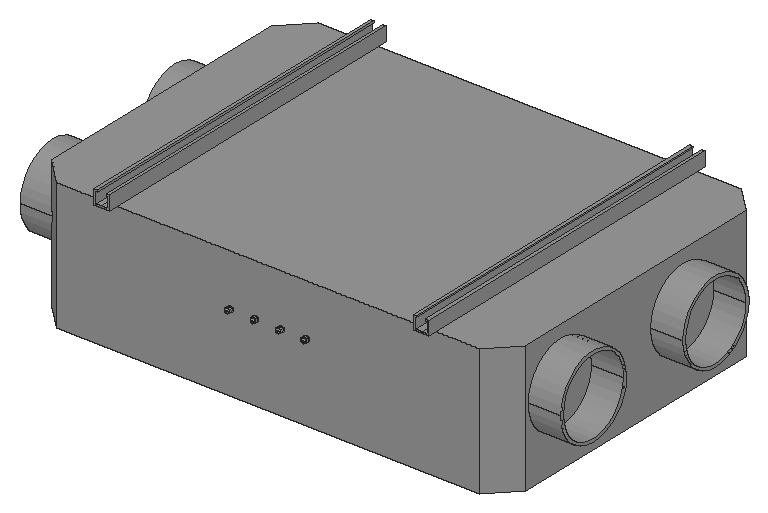
Revit family "Enave P 180_240_Eng", category Оборудование, Revit 2021
Family settings
  Размер круглого соединителя = Использовать диаметр
  Классификация = Нет
  Тип детали = Нормальный
  На основе рабочей плоскости = Нет
  Всегда вертикально = Да
  При загрузке вырезать с полостями = Нет
  Общий = Нет
  Точка принадлежности помещению = Нет
Parameters (values of type "Enave-T 240 P")
  wd1 = 134 mm  # constant formula
  Width = W  # 677 mm
  Weight = 15.00 kg
  W = 677 mm
  Temperature of moving air = "+45°С"  # constant formula
  Sound pressure level at 3 m distance = "33 dBA"
  Pressure_Static_Air = 0.0 Pa
  Length = L  # 1060 mm
  L = 1060 mm
  Height = H  # 290 mm
  Filter = "Coarse > 60%"  # constant formula
  Diameter = D  # 160 mm
  Отметка по умолчанию = 0 mm
  Изготовитель = "Vents"  # constant formula
  wd2 = 300 mm  # constant formula
  d = D - 10 mm  # 150 mm
  Wk = 640 mm
  Voltage = 230 V
  URL = ""
  Power = 171 W
  Number of Fase = 1
  Maximum Air Flow = 310.0 m³/h
  Maintenance zone material = none
  Load Classification = "HVAC"
  Lk = 930 mm
  H = 290 mm
  Frequency [instance] = 50 Hz
  D = 160 mm
  Casing Material = Polypropylene (black)
  Amperage = 1.340 A
  Air Flow [instance] = 0.0 m³/h
  09_System_Name [instance] = ""
  00_20_Type = "Enave-T 240 P"
  00_20_Name = "Air handling unit"  # constant formula
  00_20_Manufacturer = "Vents"  # constant formula
Types (5, lengths in mm): name | Weight | Sound pressure level at 3 m distance | Power | Maximum Air Flow | Amperage | 00_20_Type
  (no name) | 15.00 kg | "33 dBA" | 171 W | 310.0 m³/h | 1.340 A | "Enave-T 240 P"
  Enave 180 P | 12.00 kg | "29 dBA" | 53 W | 181.0 m³/h | 0.490 A | "Enave 180 P"
  Enave-T 180 P | 15.00 kg | "29 dBA" | 53 W | 181.0 m³/h | 0.490 A | "Enave-T 180 P"
  Enave 240 P | 12.00 kg | "33 dBA" | 171 W | 310.0 m³/h | 1.340 A | "Enave 240 P"
  Enave-T 240 P | 15.00 kg | "33 dBA" | 171 W | 310.0 m³/h | 1.340 A | "Enave-T 240 P"
Reference planes
  plane 1 "По центру (Вперед/Назад)": y = 0
  plane 2: z = 0
  plane 3 "По центру (Влево/Вправо)": x = 0
  plane 4 "верхняя": y = 114
  plane 5 "нижняя": y = -186
  plane 6: z = -130
  plane 7: z = -290
  plane 8: y = 320
  plane 9: y = -320
  plane 10: x = 465
  plane 11: x = -465
Forms (mm)
  Extrusion 1, solid, material "Polypropylene (black)" <- "Casing Material"
    sketch origin (0, 0, 0) x (1, 0, 0) y (0, 1, 0)
      loop
        line (-415, -320) -> (415, -320) -> (465, -270) -> (465, 270) -> (415, 320) -> (-415, 320) -> (-465, 270) -> (-465, -270) -> (-415, -320)
    from -28 to -283
  Blend 2, solid, material "Polypropylene (black)" <- "Casing Material"
    base sketch origin (-20, 0, 0) x (1, 0, 0) y (0, 1, 0)
      loop
        line (-58.438, -320) -> (44.718, -124.541)
        arc (44.718, -124.541) -> (78.284, -87.616) -> (125.514, -71.508) r 100
        line (125.514, -71.508) -> (485, -43.954) -> (485, 0) -> (485, 43.954) -> (125.514, 71.508)
        arc (125.514, 71.508) -> (78.284, 87.616) -> (44.718, 124.541) r 100
        line (44.718, 124.541) -> (-58.438, 320) -> (-374.232, 320) -> (-289.538, 27.843)
        arc (-289.538, 27.843) -> (-285.584, 0) -> (-289.538, -27.843) r 100
        line (-289.538, -27.843) -> (-374.232, -320) -> (-58.438, -320)
    top sketch origin (-20, 0, 0) x (1, 0, 0) y (0, 1, 0)
      loop
        line (-47.883, -300) -> (44.718, -124.541)
        arc (44.718, -124.541) -> (78.284, -87.616) -> (125.514, -71.508) r 100
        line (125.514, -71.508) -> (465, -45.487) -> (465, 45.487) -> (125.514, 71.508)
        arc (125.514, 71.508) -> (78.284, 87.616) -> (44.718, 124.541) r 100
        line (44.718, 124.541) -> (-47.883, 300) -> (-368.434, 300) -> (-289.538, 27.843)
        arc (-289.538, 27.843) -> (-285.584, 0) -> (-289.538, -27.843) r 100
        line (-289.538, -27.843) -> (-368.434, -300) -> (-47.883, -300)
    from -283 to -290
  Extrusion 3, solid, material "Polypropylene (black)" <- "Casing Material"
    sketch origin (410, 0, 0) x (0, -1, 0) y (0, 0, 1)
      loop
        circle (-114, -130) r 80
      loop
        circle (-114, -130) r 75
      loop
        circle (186, -130) r 80
      loop
        circle (186, -130) r 75
    from -120 to 940
Dimensions and locks
  equal spacing: Extrusion 1 sketch curve, plane 1 "По центру (Вперед/Назад)", Extrusion 1 sketch curve
  "Wk": Extrusion 1 sketch curve to Extrusion 1 sketch curve
  equal spacing: Extrusion 1 sketch curve, plane 3 "По центру (Влево/Вправо)", Extrusion 1 sketch curve
  "Lk": Extrusion 1 sketch curve to Extrusion 1 sketch curve
  "H": plane 7 to level
  "wd2": plane 4 "верхняя" to plane 5 "нижняя"
  locked: plane 7 to Extrusion 1 at 7
  equal spacing: plane 9, plane 1 "По центру (Вперед/Назад)", plane 8
  "Wk": plane 9 to plane 8
  "wd1": plane 5 "нижняя" to plane 9
  locked: plane 6 to level at 130
  locked: Extrusion 1 sketch curve to plane 9 at 50  (x2)
  equal spacing: plane 11, plane 3 "По центру (Влево/Вправо)", plane 10
  "Lk": plane 11 to plane 10
  locked: plane 11 to Extrusion 1 sketch curve at 50  (x2)
  locked: Extrusion 1 sketch curve to plane 10 at 50  (x2)
  locked: Extrusion 1 sketch curve to plane 8 at 50  (x2)
  equal spacing: Extrusion 3, plane 3 "По центру (Влево/Вправо)", Extrusion 3
  "L": Extrusion 3 to Extrusion 3
  locked: Blend 2 sketch curve to plane 8 at 20
  locked: plane 9 to Blend 2 sketch curve at 20
  locked: Blend 2 sketch curve to plane 10 at 20
  locked: Blend 2 to Blend 2 at 7
  locked: plane 3 "По центру (Влево/Вправо)" to nested 1 at 25
  locked: plane 3 "По центру (Влево/Вправо)" to nested 2 at 75
  locked: plane 3 "По центру (Влево/Вправо)" to nested 3 at 25
  locked: plane 3 "По центру (Влево/Вправо)" to nested 4 at 75
  locked: Extrusion 1 to level at 28
  locked: Extrusion 3 to nested 5 at 218
  nested 5 to nested 6 = 627 mm
  "D": diameter of Extrusion 3 sketch curve  (x2)
  "d": diameter of Extrusion 3 sketch curve  (x2)
  aligned and locked: level to plane 2
  aligned and locked: plane 4 "верхняя" to Extrusion 3 sketch curve  (x2)
  aligned and locked: plane 5 "нижняя" to Extrusion 3 sketch curve  (x2)
  aligned and locked: Blend 2 sketch curve to plane 9
  aligned and locked: plane 8 to Blend 2 sketch curve
  aligned and locked: plane 10 to Blend 2 sketch curve
  aligned and locked: Blend 2 to plane 7
  aligned and locked: nested 1 to plane 6
  aligned and locked: nested 2 to plane 6
  aligned and locked: plane 6 to nested 3
  aligned and locked: plane 6 to nested 4
  aligned and locked: plane 1 "По центру (Вперед/Назад)" to nested 5
  aligned and locked: nested 6 to plane 1 "По центру (Вперед/Назад)"
  aligned and locked: level to nested 5  (x2)
Automatic sketch dimensions
  Extrusion 3 sketch curve to Extrusion 3 sketch curve = 0 mm  (x2)
  Extrusion 3 sketch curve to plane 6 = 0 mm  (x2)
  plane 1 "По центру (Вперед/Назад)" to Blend 2 sketch curve = 0 mm  (x3)
  plane 3 "По центру (Влево/Вправо)" to Blend 2 sketch curve = 113.157 mm  (x4)
  plane 5 "нижняя" to Blend 2 sketch curve = 14.784 mm  (x2)
  Blend 2 sketch curve to plane 4 "верхняя" = 42.492 mm  (x2)
  Blend 2 sketch curve to Blend 2 sketch curve = 7.642 mm  (x4)
  plane 3 "По центру (Влево/Вправо)" to Blend 2 sketch curve = 24.718 mm  (x4)
  plane 4 "верхняя" to Blend 2 sketch curve = 10.541 mm  (x2)
  Blend 2 sketch curve to plane 3 "По центру (Влево/Вправо)" = 78.438 mm  (x2)
  plane 1 "По центру (Вперед/Назад)" to Blend 2 sketch curve = 27.843 mm  (x2)
  plane 11 to Blend 2 sketch curve = 155.462 mm  (x2)
  Blend 2 sketch curve to plane 1 "По центру (Вперед/Назад)" = 27.843 mm  (x2)
  plane 11 to Blend 2 sketch curve = 70.768 mm  (x2)
  plane 11 to Blend 2 sketch curve = 59.416 mm  (x2)
  plane 5 "нижняя" to Blend 2 sketch curve = 61.459 mm  (x2)
  plane 1 "По центру (Вперед/Назад)" to Blend 2 sketch curve = 43.954 mm
  Blend 2 sketch curve to plane 1 "По центру (Вперед/Назад)" = 43.954 mm
  Blend 2 sketch curve to plane 3 "По центру (Влево/Вправо)" = 67.883 mm  (x2)
  plane 11 to Blend 2 sketch curve = 76.566 mm  (x2)
  plane 1 "По центру (Вперед/Назад)" to Blend 2 sketch curve = 45.487 mm
  Blend 2 sketch curve to plane 1 "По центру (Вперед/Назад)" = 45.487 mm
Nested families
  nested 1: "Сonnector" at (-25, -320, -130) x (1, 0, 0) z (0, -1, 0), type "10"
  nested 2: "Сonnector" at (-75, -320, -130) x (1, 0, 0) z (0, -1, 0), type "10"
  nested 3: "Сonnector" at (25, -320, -130) x (-1, 0, 0) z (0, -1, 0), type "10"
  nested 4: "Сonnector" at (75, -320, -130) x (-1, 0, 0) z (0, -1, 0), type "10"
  nested 5: "fastener" at (-312, 0, 0), type "fastener"
    with L 677 mm
  nested 6: "fastener" at (315, 0, 0) x (-1, 0, 0) z (0, 0, 1), type "fastener"
    with L 677 mm
Connectors
  hvac at (-530, 114, -130), driven by "D"
    settings: on Extrusion 3, index 1, duct flow 0.0 m³/h, flow factor 0, pres drop 0.0 Pa, loss coef 0, conn angle 0.00°, conn width 304.8 mm, conn height 304.8 mm, conn diameter 160 mm, duct sys type 29, conn prof type 0, flow config 0, flow direction 0, loss method 0, conn ref index -1, conn util no, is conn primary yes, conn desc ""
  hvac at (-530, -186, -130), driven by "D"
    settings: on Extrusion 3, index 2, duct flow 0.0 m³/h, flow factor 0, pres drop 0.0 Pa, loss coef 0, conn angle 0.00°, conn width 304.8 mm, conn height 304.8 mm, conn diameter 160 mm, duct sys type 29, conn prof type 0, flow config 0, flow direction 0, loss method 0, conn ref index -1, conn util no, is conn primary no, conn desc ""
  hvac at (530, -186, -130), driven by "D"
    settings: on Extrusion 3, index 3, duct flow 0.0 m³/h, flow factor 0, pres drop 0.0 Pa, loss coef 0, conn angle 0.00°, conn width 304.8 mm, conn height 304.8 mm, conn diameter 160 mm, duct sys type 29, conn prof type 0, flow config 0, flow direction 0, loss method 0, conn ref index -1, conn util no, is conn primary no, conn desc ""
  hvac at (530, 114, -130), driven by "D"
    settings: on Extrusion 3, index 4, duct flow 0.0 m³/h, flow factor 0, pres drop 0.0 Pa, loss coef 0, conn angle 0.00°, conn width 304.8 mm, conn height 304.8 mm, conn diameter 160 mm, duct sys type 29, conn prof type 0, flow config 0, flow direction 0, loss method 0, conn ref index -1, conn util no, is conn primary no, conn desc ""
Definition of nested family "Сonnector"
  Parameters (values of type "10")
    Default Elevation = 1219.2 mm
    r1 = r / 1.3333  # 3.75 mm
    r = 5 mm
    h3 = H / 3.2  # 2.812 mm
    h1 = H / 1.28  # 7.031 mm
    h4 = H / 6.4  # 1.406 mm
    H = 9 mm
    A = 2 * r * tan(30.00°)  # 5.774 mm
  Types (2, lengths in mm): name | r1 | r | h3 | h1 | h4 | H | A
    10 | 3.75 | 5 | 2.812 | 7.031 | 1.406 | 9 | 5.774
    16 | 6 | 8 | 3.75 | 9.375 | 1.875 | 12 | 9.238
  Reference planes
    plane 1 "По центру (Вперед/Назад)": y = 0
    plane 2: z = 0
    plane 3 "По центру (Влево/Вправо)": x = 0
  Forms (mm)
    Extrusion 1, solid
      sketch origin (-129.783, 0, -1.583) x (-1, 0, 0) y (0, -1, 0)
        loop
          line (-129.783, -5.774) -> (-124.783, -2.887) -> (-124.783, 2.887) -> (-129.783, 5.774) -> (-134.783, 2.887) -> (-134.783, -2.887) -> (-129.783, -5.774)
      from 1.583 to 2.989
    Extrusion 2, solid
      sketch origin (-129.783, 0, 0) x (-1, 0, 0) y (0, -1, 0)
        loop
          circle (-129.783, 0) r 3.75
      from 1.406 to 2.812
    Extrusion 3, solid
      sketch origin (-129.783, 0, 14.25) x (-1, 0, 0) y (0, -1, 0)
        loop
          line (-129.783, -5.774) -> (-124.783, -2.887) -> (-124.783, 2.887) -> (-129.783, 5.774) -> (-134.783, 2.887) -> (-134.783, -2.887) -> (-129.783, -5.774)
      from -11.438 to -7.219
    Revolve 4, solid
      sketch origin (-129.783, 0, -5.678) x (-1, 0, 0) y (0, 0, -1)
        loop
          line (-126.033, -12.709) -> (-129.783, -12.709) -> (-129.783, -14.678) -> (-127.033, -14.678)
          arc (-127.033, -14.678) -> (-126.326, -14.385) -> (-126.033, -13.678) r 1
          line (-126.033, -13.678) -> (-126.033, -12.709)
        axis (-129.783, -14.678) -> (-129.783, -12.709)
      angle from 0 to 360
  Dimensions and locks
    "A": Extrusion 3 sketch curve to Extrusion 3 sketch curve  (x6)
    equal spacing: Extrusion 3 sketch curve, plane 1 "По центру (Вперед/Назад)", Extrusion 3 sketch curve  (x2)
    "A": Extrusion 3 sketch curve to plane 1 "По центру (Вперед/Назад)" to Extrusion 3 sketch curve
    "A": Extrusion 1 sketch curve to Extrusion 1 sketch curve  (x6)
    "A": Extrusion 1 sketch curve to plane 1 "По центру (Вперед/Назад)" to Extrusion 1 sketch curve
    "r1": plane 3 "По центру (Влево/Вправо)" to Revolve 4 sketch curve
    "H": level to Revolve 4 sketch curve
    "h1": level to Extrusion 3
    "h3": level to Extrusion 3
    "h1": level to Revolve 4 sketch curve
    "h3": level to Extrusion 2
    "h4": level to Extrusion 2
    "h4": level to Extrusion 1
    "r1": radius of Extrusion 2 sketch curve
    aligned and locked: level to plane 2
    aligned and locked: Extrusion 1 to Extrusion 2
    aligned and locked: Extrusion 1 to level
    aligned and locked: Extrusion 3 to Extrusion 2
  Automatic sketch dimensions
    Extrusion 1 sketch curve to plane 3 "По центру (Влево/Вправо)" = 0 mm  (x2)
    plane 1 "По центру (Вперед/Назад)" to Extrusion 2 sketch curve = 0 mm
    Extrusion 2 sketch curve to plane 3 "По центру (Влево/Вправо)" = 0 mm
    Extrusion 3 sketch curve to plane 3 "По центру (Влево/Вправо)" = 0 mm
    Revolve 4 sketch curve to plane 3 "По центру (Влево/Вправо)" = 0 mm  (x2)
    Revolve 4 sketch curve to Revolve 4 sketch curve = 1 mm
    level to Revolve 4 sketch curve = 1.702 mm
    Revolve 4 sketch curve to level = 6.18 mm
Definition of nested family "fastener"
  Parameters (values of type "Семейство1")
    Default Elevation = 0 mm
    L = 900 mm
  Reference planes
    plane 1 "По центру (Вперед/Назад)": y = 0
    plane 2: z = 0
    plane 3 "По центру (Влево/Вправо)": x = 0
  Forms (mm)
    Extrusion 1, solid
      sketch origin (0, 0, 0) x (1, 0, 0) y (0, 0, 1)
        loop
          line (0, -28) -> (15, -28) -> (15, 0) -> (8.953, 0) -> (8.953, -2.958) -> (11.986, -2.958) -> (11.986, -25) -> (0, -25) -> (-11.986, -25) -> (-11.986, -2.958) -> (-8.953, -2.958) -> (-8.953, 0) -> (-15, 0) -> (-15, -28) -> (0, -28)
      from -450 to 450
  Dimensions and locks
    equal spacing: Extrusion 1, plane 1 "По центру (Вперед/Назад)", Extrusion 1
    "L": Extrusion 1 to Extrusion 1
    aligned and locked: level to plane 2
  Automatic sketch dimensions
    Extrusion 1 sketch curve to level = 0 mm  (x2)
    Extrusion 1 sketch curve to plane 3 "По центру (Влево/Вправо)" = 0 mm  (x2)
    Extrusion 1 sketch curve to plane 3 "По центру (Влево/Вправо)" = 8.953 mm
    Extrusion 1 sketch curve to plane 3 "По центру (Влево/Вправо)" = 11.986 mm
    Extrusion 1 sketch curve to Extrusion 1 sketch curve = 3.014 mm  (x2)
    Extrusion 1 sketch curve to level = 2.958 mm  (x2)
    plane 3 "По центру (Влево/Вправо)" to Extrusion 1 sketch curve = 8.953 mm
    Extrusion 1 sketch curve to Extrusion 1 sketch curve = 3.033 mm
    Extrusion 1 sketch curve to Extrusion 1 sketch curve = 22.042 mm
    Extrusion 1 sketch curve to Extrusion 1 sketch curve = 3 mm
